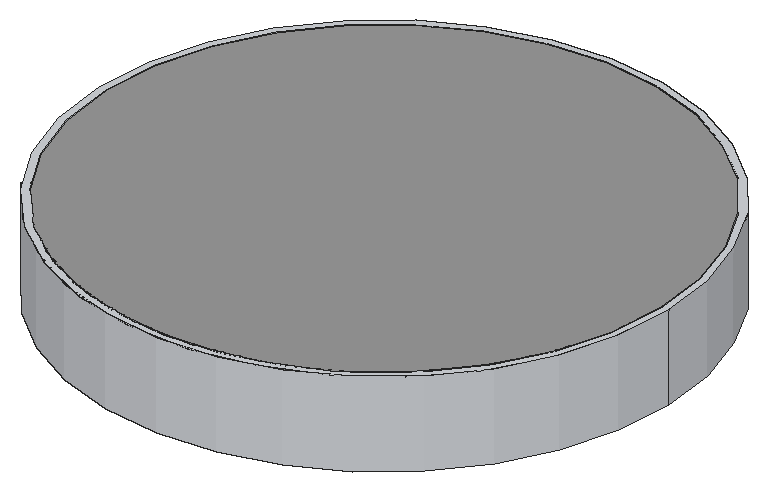
Revit family "2071148", category Lighting Fixtures, host Face, Revit 2018
Family settings
  Host = Face
  Round Connector Dimension = Use Diameter
  Part Type = Normal
  OmniClass Number = 23.80.70.00
  OmniClass Title = Lighting
  Cut with Voids When Loaded = No
  Light Source = Yes
  Shared = No
  Room Calculation Point = No
Parameters (values of type "2071148 COLOSSAL 400 840 PR DIR+H WHT DALI")
  iner diameter = 390 mm
  Weight = "n/a"
  Wattage Comments = ""
  Wattage = 30 W
  WarrantyStartDate [instance] = "n/a"
  WarrantyGuarantorParts = "n/a"
  WarrantyDurationUnit = "n/a"
  WarrantyDurationParts = ""
  WarrantyDescription = "http://www.sylvania-lighting.com"
  built-in parameter 1150110 = 1 (stored number, unit not read)
  Voltage = 230 V
  URL = "0.95"
  TypeName = "COLOSSAL 400mm 840 PRISM DIR+HAL WHITE DALI"
  Type Image = <None>
  Type Comments = "n/a"
  built-in parameter 1114217 = 1 (stored number, unit not read)
  Tilt Angle = -90.00°
  built-in parameter 1150109 = 1 (stored number, unit not read)
  built-in parameter 1150134 = (empty or 0)
  built-in parameter 1150113 = 1 (stored number, unit not read)
  SerialNumber [instance] = "n/a"
  Photometric Web File = "2071148.ies"
  Material_3_SYL = LED-Sylvania
  PowerFactor = 0
  PowerConsumption = "Lighting"
  NominalLength = 400 mm
  NominalHeight = 93 mm
  NominalDepth = 400 mm
  Name = "COLOSSAL 400mm 840 PRISM DIR+HAL WHITE DALI"
  ModelReference = Name  # "COLOSSAL 400mm 840 PRISM DIR+HAL WHITE DALI"
  ModelNumber = "2071148"
  Model = Name  # "COLOSSAL 400mm 840 PRISM DIR+HAL WHITE DALI"
  Material = "Feilo Sylvania"
  ManufacturerName = "126 lm/W"
  Manufacturer = ""
  LuminousEfficacy = ""
  built-in parameter 1150105 = 270.44 (stored number, unit not read)
  Lumens = 3398.4 lm
  LuminaireType = "0"
  built-in parameter 1150115 = 1 (stored number, unit not read)
  LightOutputRatio = "LED"
  built-in parameter 1150137 = (empty or 0)
  built-in parameter 1150139 = (empty or 0)
  LampsType = Lamp  # "n/a"
  LampNominalLuminous = "4000 K"
  LampMacAdamStep = "80"
  LampColourTemperature = "LED"
  LampColourRenderingIndex = "16500"
  built-in parameter 1150112 = 1 (stored number, unit not read)
  built-in parameter 1150114 = 1 (stored number, unit not read)
  Lamp = "n/a"
  Keynote = "n/a"
  InstallationDate [instance] = "n/a"
  InputVoltage = "0"
  InputNominalFrequency = "4000"
  built-in parameter 1150132 = (empty or 0)
  built-in parameter 1150102 = (empty or 0)
  built-in parameter 1150107 = 3000 (stored number, unit not read)
  built-in parameter 1150138 = (empty or 0)
  IngressProtection = "IfcLightFixtureType"
  ImpactProtectionIndex = "IfcLightFixtureType"
  built-in parameter 1150106 = 2.7044 (stored number, unit not read)
  IfcExportType = "IfcLightFixtureType"
  IfcExportAs = "Class I"
  Emit from Circle Diameter = 385 mm
  Emit Shape Visible in Rendering = no
  ElectricShockClassification = "126"
  built-in parameter 1150104 = 10.524 (stored number, unit not read)
  DocumentationLiterature = "http://www.sylvania-lighting.com/product/en-int/products/2071148"
  DimmingControlOptions = "n/a"
  Material_2_SYL = Polycarbonate_Sylvania_White
  Dimming Lamp Color Temperature Shift = <None>
  Description = "400mm diameter circular architectural luminaire, can be surface mounted or suspended. Powder coated aluminium housing (RAL9016) with PMMA prismatic diffuser. Direct/indirect (halo) light distribution, 2015lm luminuous flux, 16W system power, 126lm/W luminiaire efficacy. DALI dimmable. Colour rendering index Ra >80, 4000K Neutral White LED, chromaticity tolerance of 3-step MacAdam ellipse. IP40, IK03. 350mA drive current. UGR≤19. Electrical protection Class1, 220-240V. Reported lifetime 66k hours L90B10."
  Default Elevation = 1219.2 mm
  CreatedOn = "22/03/2022"
  CreatedBy = "@sylvania-lighting.com"
  Cost = 0
  Color Filter = 16777215
  built-in parameter 1114216 [instance] = (empty or 0)
  ClassificationValue = "EF_70_80"
  ClassificationName = "Uniclass2015"
  Material_1_SYL = Polycarbonate_Sylvania_Opal
  BarCode [instance] = "n/a"
  built-in parameter 1114218 = 1 (stored number, unit not read)
  built-in parameter 1150133 = 10 (stored number, unit not read)
  AssetType = "Fixed"
  AssetIdentifier [instance] = "n/a"
  Assembly Code = "D5020200"
  Apparent Load = 16 VA
  Material_4_SYL = none
Reference planes
  plane 1 "Center (Front/Back)": y = 0
  plane 2: z = 0
  plane 3 "Center (Left/Right)": x = 0
  plane 4: x = -200
  plane 5: x = 200
  plane 6: y = 200
  plane 7: y = -200
  plane 8: y = 236
  plane 9: y = -236
  plane 10: z = 93
  plane 11: y = 195
  plane 12: y = -195
  plane 13: y = 90.5
  plane 14: y = 144.5
  plane 15: through (52.25, 90.5, 1219.2) normal (0.866, 0.5, 0)
  plane 16: through (52.25, 90.5, 1219.2) normal (0.866, 0.5, 0)
  plane 17: through (63.706, 126.657, 1219.2) normal (0.866, 0.5, 0)
  plane 18: through (-104.5, 0, 1219.2) normal (-0.866, 0.5, 0)
  plane 19: through (-142.394, -9.633, 1219.2) normal (-0.866, 0.5, 0)
  plane 20: y = -90.5
  plane 21: y = -118.5
  plane 22: through (85.371, -141.133, 1219.2) normal (-0.866, 0.5, 0)
  plane 23: through (52.25, -90.5, 1219.2) normal (-0.866, 0.5, 0)
  plane 24: through (-161.658, 0, 1219.2) normal (0.866, 0.5, 0)
  plane 25: through (-172.12, 9.121, 1219.2) normal (0.866, 0.5, 0)
  plane 26: through (-104.5, 0, 1219.2) normal (0.866, 0.5, 0)
Forms (mm)
  Extrusion 1, solid, detail levels medium+fine
    sketch origin (0, 0, 0) x (1, 0, 0) y (0, 1, 0)
      loop
        circle (0, 0) r 200
    from 33.023 to 93
  Extrusion 2, void
    sketch origin (0, 0, 0) x (1, 0, 0) y (0, 1, 0)
      loop
        circle (0, 0) r 195
    from 93 to 37.292
  Extrusion 3, solid, material "Glass, White, High Luminance", detail levels fine
    sketch origin (0, 0, 0) x (1, 0, 0) y (0, 1, 0)
      loop
        circle (0, 0) r 195
    from 88.026 to 93
  Extrusion 4, solid, detail levels coarse
    sketch origin (0, 0, 0) x (1, 0, 0) y (0, 1, 0)
      loop
        line (-200, 200) -> (-200, -200) -> (200, -200) -> (200, 200) -> (-200, 200)
    from 0 to 93
  Blend 5, solid, detail levels medium+fine
    base sketch origin (0, 0, 0) x (1, 0, 0) y (0, 1, 0)
      loop
        line (-52.25, 90.5) -> (-104.5, 0) -> (-52.25, -90.5) -> (52.25, -90.5) -> (104.5, 0) -> (52.25, 90.5) -> (-52.25, 90.5)
    top sketch origin (0, 0, 0) x (1, 0, 0) y (0, 1, 0)
      loop
        line (-53.405, 144.5) -> (-149.245, -21.5) -> (-93.242, -118.5) -> (98.438, -118.5) -> (151.843, -26) -> (53.405, 144.5) -> (-53.405, 144.5)
    from 0 to 33.023
Cuts and joins
  Extrusion 2 cuts Extrusion 1
Dimensions and locks
  "NominalDepth": plane 6 to plane 7
  "NominalLength": plane 4 to plane 5
  equal spacing: plane 4, plane 3 "Center (Left/Right)", plane 5
  "iner diameter": plane 11 to plane 12
  equal spacing: plane 11, plane 1 "Center (Front/Back)", plane 12
  equal spacing: plane 6, plane 1 "Center (Front/Back)", plane 7
  "NominalHeight": plane 10 to level
  plane 19 to plane 18 = 28 mm
  radius of Extrusion 2 sketch curve = 195 mm
  aligned and locked: plane 2 to host face
  aligned and locked: level to host face
Automatic sketch dimensions
  host sketch curve to host sketch curve = 2438.4 mm  (x2)
  plane 1 "Center (Front/Back)" to Extrusion 1 sketch curve = 0 mm
  Extrusion 1 sketch curve to plane 3 "Center (Left/Right)" = 0 mm
  plane 1 "Center (Front/Back)" to Extrusion 2 sketch curve = 0 mm
  Extrusion 2 sketch curve to plane 3 "Center (Left/Right)" = 0 mm
  plane 1 "Center (Front/Back)" to Extrusion 3 sketch curve = 0 mm
  Extrusion 3 sketch curve to plane 3 "Center (Left/Right)" = 0 mm
  Extrusion 4 sketch curve to plane 4 = 0 mm
  Extrusion 4 sketch curve to plane 5 = 0 mm
  Extrusion 4 sketch curve to plane 7 = 0 mm
  Extrusion 4 sketch curve to plane 6 = 0 mm
  Blend 5 sketch curve to plane 19 = 0 mm  (x2)
  Blend 5 sketch curve to plane 24 = 0 mm  (x2)
  Blend 5 sketch curve to plane 21 = 0 mm
  Blend 5 sketch curve to plane 14 = 0 mm
  Blend 5 sketch curve to plane 17 = 0 mm  (x2)
  Blend 5 sketch curve to plane 22 = 0 mm  (x2)
  radius of Extrusion 1 sketch curve = 200 mm
  radius of Extrusion 3 sketch curve = 195 mm
Connectors
  electrical at (0, 0, 0), driven by "Apparent Load", driven by "PowerFactor", driven by "Voltage"
    settings: index 1, voltage 230 V, apparent load 16 VA, apparent load phase1 0 VA, apparent load phase2 0 VA, apparent load phase3 0 VA, power factor 0, load classification "Lighting", number of poles 1, system type 30, power factor state 1, is connector primary yes, connector utility no, sub classification motor no, connector description ""
